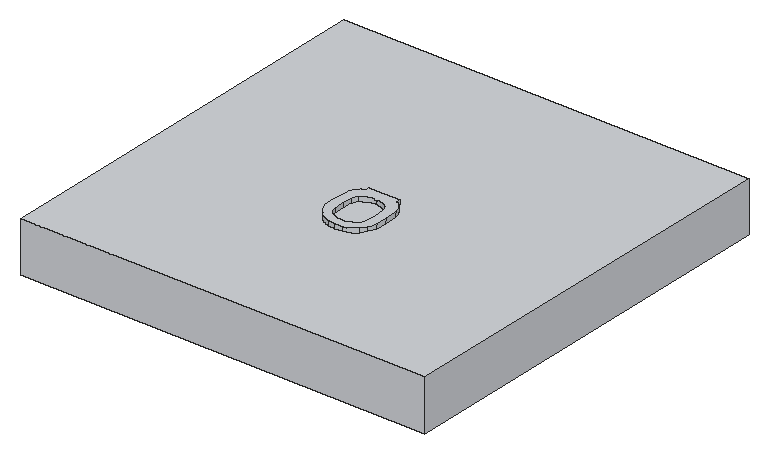
Revit family "ASH_ArmitageShanks_WCPans_Contour21_S3046", category Plumbing Fixtures, host Face, Revit 2012
Parameters (values of type "S405779 - Contour 21 Toilet Seat No Cover 305mm High Pan, Bottom Fixing Hinges - Yellow")
  WaterEfficientProduct = no
  WarrantyStartDate [instance] = "1900-12-31-T23:59:59"
  WarrantyGuarantorParts = "Productinfo@thebluebook.co.uk"
  WarrantyGuarantorLabor = "n/a"
  WarrantyDurationUnit = "year"
  WarrantyDurationParts = "5"
  WarrantyDurationLabor = "n/a"
  WarrantyDescription = "Manufacturers Warranty"
  WRAS = no
  WFU = 0
  VolumeUnits = "Litres"
  Version = "2"
  Uniclass2 = "Pr_40_20_93_95"
  URL = "www.idealspec.co.uk"
  Type Comments = "n/a"
  TagNumber [instance] = "n/a"
  SustainabilityPerformance = "n/a"
  SpareParts = "www.fastpart-spares.co.uk"
  Space = "Internal"
  Size = "430 x 315 x 25 mm"
  Shape = "Ring"
  SerialNumber [instance] = "n/a"
  SeatType = "RingSeat"
  SeatMaterial = "Plastic"
  SeatHasCover = no
  SeatColor = "White"
  Revision = "n/a"
  ReplacementCost = "n/a"
  ProductInformation = "www.idealspec.co.uk/assets/datasheet/S405779"
  Phone = "01543 490253"
  NominalWidth = 315 mm
  NominalLength = 430 mm
  NominalHeight = 25 mm
  NominalDepth = 430 mm
  NettWeight = "1.2Kg"
  Name = "WCSeats_Contour21-305Pan-SeatOnly-AllVariants_ArmitageShanks"
  NBSTypeID = "n/a"
  NBSReference = "45-35-70/391"
  NBSOfficeMasterTag = "n/a"
  NBSNote = "n/a"
  NBSDescription = "WC seats and covers"
  NBSCertification = "n/a"
  ModelReference = "Contour 21 toilet seat no cover 305 mm high pan, bottom fixing hinges"
  ModelNumber = "S405779"
  Model = "S405779"
  Material = "Plastic"
  ManufacturerURL = "www.idealspec.co.uk"
  Manufacturer = "Productinfo@thebluebook.co.uk"
  LinearUnits = "millimeters"
  InstallationInstructions = "www.idealspec.co.uk/resources.html"
  InstallationDate [instance] = "1900-12-31-T23:59:59"
  IfcExportType = "WCSEAT"
  IfcExportAs = "IfcSanitaryTerminalType"
  Help = "www.idealspec.co.uk/contact-us.html"
  HWFU = 0
  GrossWeight = "n/a"
  Grade = "n/a"
  Finish = "L Grey"
  Features = "Seat no cover 355 mm high pan, bottom fixing hinges"
  ExpectedLife = "15"
  ECA = no
  DurationUnit = "year"
  DistributedBy = "n/a"
  Description = "Contour 21 toilet seat no cover 305 mm high pan, bottom fixing hinges"
  Default Elevation = 0 mm
  CurrencyUnit = "n/a"
  CreatedOn = "2014-11-03"
  Constituents = "n/a"
  ConnectionType = "Mechanical"
  SeatSKU = none
  Color = "n/a"
  CodePerformance = "n/a"
  Category = "n/a"
  CWFU = 0
  Brand = "Armitage Shanks"
  BarCode [instance] = "n/a"
  BIMObjectName = "ASH_ArmitageShanks_WCSeats_Contour21-305Pan-SeatOnly_S405779"
  Author = "Ideal Standard (UK) Ltd"
  AssetType = "Fixed"
  AssetIdentifier [instance] = "n/a"
  Assembly Code = "C1030200"
  AreaUnits = "millimeters"
  AreaMeasurement = "n/a"
  Accessories = "www.idealspec.co.uk"
  AccessibilityPerformance = "n/a"
Types (6, lengths in mm): name | WaterEfficientProduct | WRAS | ProductInformation | NominalWidth | NominalLength | NominalDepth | ModelNumber | Model | Finish | ECA | Default Elevation | SeatSKU | BarCode | BIMObjectName
  S405701 - Contour 21 Toilet Seat No Cover 305mm High Pan, Bottom Fixing Hinges - White | yes | yes | "www.idealspec.co.uk/assets/datasheet/S405701" | 0 | 0 | 0 | "S405701" | "S405701" | "White" | yes | 1219.2 | ASH_ArmitageShanks _WC_White2_Render | "5017830379959" | "ASH_ArmitageShanks_WCSeats_Contour21-305Pan-SeatOnly_S405701"
  S4057LJ - Contour 21 Toilet Seat No Cover 305mm High Pan, Bottom Fixing Hinges - Light Grey | yes | yes | "www.idealspec.co.uk/assets/datasheet/S4057LJ" | 0 | 0 | 0 | "S4057LJ" | "S4057LJ" | "L Grey" | yes | 1219.2 | none | "5017830382515" | "ASH_ArmitageShanks_WCSeats_Contour21-305Pan-SeatOnly_S4057LJ"
  S4057GQ - Contour 21 Toilet Seat No Cover 305mm High Pan, Bottom Fixing Hinges - Red | yes | yes | "www.idealspec.co.uk/assets/datasheet/S4057GQ" | 0 | 0 | 0 | "S4057GQ" | "S4057GQ" | "Red" | yes | 1219.2 | ASH_ArmitageShanks _WCSeat_RedGQ_Render | "5017830382522" | "ASH_ArmitageShanks_WCSeats_Contour21-305Pan-SeatOnly_S4057GQ"
  S405736 - Contour 21 Toilet Seat No Cover 305mm High Pan, Bottom Fixing Hinges - Blue | yes | yes | "www.idealspec.co.uk/assets/datasheet/S405736" | 0 | 0 | 0 | "S405701" | "S405701" | "Blue" | yes | 1219.2 | none | "5017830379959" | "ASH_ArmitageShanks_WCSeats_Contour21-305Pan-SeatOnly_S405701"
  S405766 - Contour 21 Toilet Seat No Cover 305mm High Pan, Bottom Fixing Hinges - Black | yes | yes | "www.idealspec.co.uk/assets/datasheet/S405766" | 0 | 0 | 0 | "S405701" | "S405701" | "Black" | yes | 1219.2 | none | "5017830379959" | "ASH_ArmitageShanks_WCSeats_Contour21-305Pan-SeatOnly_S405701"
  S405779 - Contour 21 Toilet Seat No Cover 305mm High Pan, Bottom Fixing Hinges - Yellow | no | no | "www.idealspec.co.uk/assets/datasheet/S405779" | 315 | 430 | 430 | "S405779" | "S405779" | "L Grey" | no | 0 | none | "n/a" | "ASH_ArmitageShanks_WCSeats_Contour21-305Pan-SeatOnly_S405779"
Reference planes
  plane 1 "Center (Front/Back)": y = 0
  plane 2: z = 0
  plane 3 "Center (Left/Right)": x = 0
  plane 4: x = 157.5
  plane 5: x = -157.5
  plane 6: y = -370
  plane 7: y = -185
  plane 8: x = -102.5
  plane 9: z = 25
Forms (mm)
  Extrusion 1, solid
    sketch origin (0, 0, 0) x (1, 0, 0) y (0, 1, 0)
      loop
        line (-1219.2, 1219.2) -> (-1219.2, -1219.2) -> (1219.2, -1219.2) -> (1219.2, 1219.2) -> (-1219.2, 1219.2)
    from 0 to -304.8
  Extrusion 2, solid, material <- "SeatSKU", detail levels medium+fine
    sketch origin (0, 0, 0) x (1, 0, 0) y (0, 1, 0)
      loop
        arc (-115.625, -34.952) -> (-128.312, -47.883) -> (-138.635, -62.77) r 106.939
        arc (-138.635, -62.77) -> (-145.845, -82.975) -> (-150.35, -103.949) r 163.676
        arc (-150.35, -103.949) -> (-155.707, -144.317) -> (-157.5, -185) r 463.614
        arc (-157.5, -185) -> (-156.291, -216.891) -> (-152.889, -248.624) r 463.509
        arc (-152.889, -248.624) -> (-146.695, -271.526) -> (-136.609, -293) r 135.776
        arc (-136.609, -293) -> (-125.999, -309.398) -> (-113.877, -324.711) r 204.899
        arc (-113.877, -324.711) -> (-82.016, -351.02) -> (-43.401, -365.718) r 127.101
        arc (-43.401, -365.718) -> (-21.808, -368.955) -> (0, -370) r 216.37
        arc (0, -370) -> (21.808, -368.955) -> (43.401, -365.718) r 216.37
        arc (43.401, -365.718) -> (82.016, -351.02) -> (113.877, -324.711) r 127.101
        arc (113.877, -324.711) -> (125.999, -309.398) -> (136.609, -293) r 204.899
        arc (136.609, -293) -> (146.695, -271.526) -> (152.889, -248.624) r 135.776
        arc (152.889, -248.624) -> (156.291, -216.891) -> (157.5, -185) r 463.509
        arc (157.5, -185) -> (155.707, -144.317) -> (150.35, -103.949) r 463.614
        arc (150.35, -103.949) -> (145.845, -82.975) -> (138.635, -62.77) r 163.676
        arc (138.635, -62.77) -> (128.312, -47.883) -> (115.625, -34.952) r 106.939
        arc (115.625, -34.952) -> (105.517, -28.246) -> (95, -22.2) r 189.619
        line (95, -22.2) -> (95, 0) -> (0, 0) -> (-95, 0) -> (-95, -22.2)
        arc (-95, -22.2) -> (-105.517, -28.246) -> (-115.625, -34.952) r 189.619
      loop
        arc (-96.338, -134.363) -> (-99.468, -162.265) -> (-100.666, -190.317) r 406.695
        arc (-100.666, -190.317) -> (-98.986, -222.707) -> (-94.735, -254.86) r 407.492
        arc (-94.735, -254.86) -> (-88.882, -274.927) -> (-78.704, -293.184) r 93.202
        arc (-78.704, -293.184) -> (-41.866, -314.812) -> (0, -323.301) r 129.708
        arc (0, -323.301) -> (41.866, -314.812) -> (78.704, -293.184) r 129.708
        arc (78.704, -293.184) -> (88.882, -274.927) -> (94.735, -254.86) r 93.202
        arc (94.735, -254.86) -> (98.986, -222.707) -> (100.666, -190.317) r 407.492
        arc (100.666, -190.317) -> (99.468, -162.265) -> (96.338, -134.363) r 406.695
        arc (96.338, -134.363) -> (91.03, -114.414) -> (79.887, -97.036) r 66.84
        arc (79.887, -97.036) -> (42.536, -74.949) -> (0, -66.37) r 130.129
        arc (0, -66.37) -> (-42.536, -74.949) -> (-79.887, -97.036) r 130.129
        arc (-79.887, -97.036) -> (-91.03, -114.414) -> (-96.338, -134.363) r 66.84
    from 0 to 25
Dimensions and locks
  locked: plane 1 "Center (Front/Back)" to plane 6 at 370
  locked: plane 5 to plane 4 at 315
  equal spacing: plane 5, plane 3 "Center (Left/Right)", plane 4
  locked: plane 5 to plane 8 at 55
  "NominalHeight": plane 9 to Extrusion 1
  aligned and locked: plane 2 to Extrusion 1
  aligned and locked: level to Extrusion 1
  aligned and locked: plane 9 to Extrusion 2
Automatic sketch dimensions
  Extrusion 1 sketch curve to Extrusion 1 sketch curve = 2438.4 mm  (x2)
  Extrusion 2 sketch curve to Extrusion 2 sketch curve = 0.098 mm  (x2)
  Extrusion 2 sketch curve to Extrusion 2 sketch curve = 8.568 mm  (x2)
  Extrusion 2 sketch curve to Extrusion 2 sketch curve = 0.79 mm  (x2)
  Extrusion 2 sketch curve to Extrusion 2 sketch curve = 2.032 mm  (x2)
  Extrusion 2 sketch curve to plane 5 = 0 mm
  Extrusion 2 sketch curve to plane 7 = 5.317 mm  (x2)
  plane 8 to Extrusion 2 sketch curve = 1.834 mm
  plane 1 "Center (Front/Back)" to Extrusion 2 sketch curve = 0 mm
  Extrusion 2 sketch curve to plane 3 "Center (Left/Right)" = 0 mm  (x4)
  Extrusion 2 sketch curve to plane 4 = 0 mm
  Extrusion 2 sketch curve to plane 6 = 0 mm
  Extrusion 2 sketch curve to plane 7 = 0 mm  (x2)
  plane 7 to Extrusion 2 sketch curve = 1.61 mm  (x2)
  Extrusion 2 sketch curve to plane 7 = 0.055 mm  (x2)
  Extrusion 2 sketch curve to Extrusion 2 sketch curve = 0.108 mm  (x2)
  Extrusion 2 sketch curve to plane 5 = 4.611 mm
  Extrusion 2 sketch curve to plane 5 = 7.15 mm
  Extrusion 2 sketch curve to plane 5 = 18.865 mm
  Extrusion 2 sketch curve to plane 5 = 20.891 mm
  Extrusion 2 sketch curve to Extrusion 2 sketch curve = 0 mm  (x8)
  Extrusion 2 sketch curve to plane 8 = 13.125 mm
  Extrusion 2 sketch curve to plane 8 = 11.377 mm
  plane 8 to Extrusion 2 sketch curve = 6.162 mm
  plane 8 to Extrusion 2 sketch curve = 7.765 mm
  plane 8 to Extrusion 2 sketch curve = 7.5 mm
  plane 8 to Extrusion 2 sketch curve = 23.796 mm
  plane 8 to Extrusion 2 sketch curve = 22.613 mm
  Extrusion 2 sketch curve to plane 3 "Center (Left/Right)" = 45.909 mm
  Extrusion 2 sketch curve to plane 3 "Center (Left/Right)" = 43.401 mm
  Extrusion 2 sketch curve to plane 7 = 5.021 mm  (x2)
  Extrusion 2 sketch curve to plane 3 "Center (Left/Right)" = 40.532 mm
  Extrusion 2 sketch curve to Extrusion 2 sketch curve = 16.042 mm  (x2)
  Extrusion 2 sketch curve to plane 3 "Center (Left/Right)" = 19.227 mm
  Extrusion 2 sketch curve to Extrusion 2 sketch curve = 1.132 mm  (x2)
  Extrusion 2 sketch curve to plane 3 "Center (Left/Right)" = 11.584 mm
  Extrusion 2 sketch curve to plane 3 "Center (Left/Right)" = 5.803 mm
  Extrusion 2 sketch curve to plane 3 "Center (Left/Right)" = 4.098 mm
  Extrusion 2 sketch curve to plane 3 "Center (Left/Right)" = 4.49 mm
  Extrusion 2 sketch curve to plane 3 "Center (Left/Right)" = 2.9 mm
  Extrusion 2 sketch curve to plane 3 "Center (Left/Right)" = 0.565 mm
  plane 3 "Center (Left/Right)" to Extrusion 2 sketch curve = 0.565 mm
  plane 3 "Center (Left/Right)" to Extrusion 2 sketch curve = 2.9 mm
  plane 3 "Center (Left/Right)" to Extrusion 2 sketch curve = 4.49 mm
  plane 3 "Center (Left/Right)" to Extrusion 2 sketch curve = 4.098 mm
  Extrusion 2 sketch curve to Extrusion 2 sketch curve = 1.313 mm
  plane 3 "Center (Left/Right)" to Extrusion 2 sketch curve = 11.584 mm
  Extrusion 2 sketch curve to Extrusion 2 sketch curve = 15.195 mm
  Extrusion 2 sketch curve to Extrusion 2 sketch curve = 18.283 mm
  Extrusion 2 sketch curve to Extrusion 2 sketch curve = 34.729 mm
  plane 6 to Extrusion 2 sketch curve = 4.282 mm
  plane 3 "Center (Left/Right)" to Extrusion 2 sketch curve = 43.401 mm
  Extrusion 2 sketch curve to Extrusion 2 sketch curve = 33.977 mm
  plane 4 to Extrusion 2 sketch curve = 78.796 mm
  plane 4 to Extrusion 2 sketch curve = 62.5 mm
  Extrusion 2 sketch curve to Extrusion 2 sketch curve = 16.031 mm
  Extrusion 2 sketch curve to Extrusion 2 sketch curve = 16.452 mm
  Extrusion 2 sketch curve to Extrusion 2 sketch curve = 56.834 mm
  plane 4 to Extrusion 2 sketch curve = 43.623 mm
  Extrusion 2 sketch curve to Extrusion 2 sketch curve = 20.625 mm
  plane 4 to Extrusion 2 sketch curve = 20.891 mm
  plane 4 to Extrusion 2 sketch curve = 18.865 mm
  plane 4 to Extrusion 2 sketch curve = 7.15 mm
  Extrusion 2 sketch curve to Extrusion 2 sketch curve = 46.699 mm
  Extrusion 2 sketch curve to Extrusion 2 sketch curve = 4.14 mm  (x2)
  Extrusion 2 sketch curve to plane 7 = 11.434 mm
  Extrusion 2 sketch curve to Extrusion 2 sketch curve = 25.867 mm
  Extrusion 2 sketch curve to Extrusion 2 sketch curve = 25.329 mm
  Extrusion 2 sketch curve to Extrusion 2 sketch curve = 12.751 mm  (x2)
  Extrusion 2 sketch curve to Extrusion 2 sketch curve = 148.506 mm
  plane 5 to Extrusion 2 sketch curve = 149.297 mm
